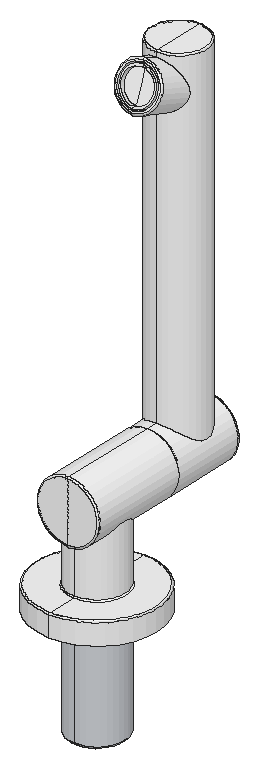
Revit family "Reece_Tap_Sussex_Scala_Straight_Bath Outlet_Swivel", category Plumbing Fixtures, host Face, Revit 2018
Family settings
  Host = Face
  Round Connector Dimension = Use Diameter
  Part Type = Normal
  Cut with Voids When Loaded = No
  Shared = Yes
  Room Calculation Point = Yes
Parameters (values of type "200 mm_Chrome")
  WFU = 0  # constant formula
  URL = "https://www.reece.com.au/product/-2285655"
  Type Comments = "Tap"
  Reece_Tap_Reach = 200 mm
  Reece_Tap_Inlet = 12 mm  # constant formula
  Reece_Product_Web Page = "https://www.reece.com.au/product/-2285655"
  Reece_Product_Type = "Tap"  # constant formula
  Reece_Product_Sub Brand = "Scala"  # constant formula
  Reece_Product_Number = "2285655"
  Reece_Product_Mount = "Wall Mounted"
  Reece_Product_Description = "Sussex Scala Bath Outlet Swivel Straight 200mm Chrome"
  Reece_Product_Brand = "Sussex"  # constant formula
  Reece_Overall_Length = 210 mm
  Reece_Overall_Height = 89.5 mm  # constant formula
  Reece_Material_Main = Reece_Brass_Chrome
  Reece_Detail_Shape = "Straight"  # constant formula
  Reece_Detail_Function = "Bath Outlet"  # constant formula
  Reece_Detail_Disclaimer = "THIS FILE IS THE PROPERTY OF THE REECE GROUP. IT MAY NOT BE REPRODUCED, REVERSE-ENGINEERED OR MODIFIED. ANY REPUBLICATION, TRANSMISSION OR DISTRIBUTION FOR THE PURPOSE OF COMMERCIALLY EXPLOITING THE FILES IS PROHIBITED."  # constant formula
  Reece_Detail_Additional = "Swivel"  # constant formula
  Model = "Scala"
  Manufacturer = "Sussex"
  Keynote = "Product #2285655, Reece_Tap_Sussex_Scala_Straight_Bath Outlet_Swivel - 200 mm_Chrome"
  HWFU = 0  # constant formula
  Disclaimer = "THIS FILE IS THE PROPERTY OF THE REECE GROUP. IT MAY NOT BE REPRODUCED, REVERSE-ENGINEERED OR MODIFIED. ANY REPUBLICATION, TRANSMISSION OR DISTRIBUTION FOR THE PURPOSE OF COMMERCIALLY EXPLOITING THE FILES IS PROHIBITED."  # constant formula
  Description = "Scala Bath Outlet Swivel Straight 200mm Chrome"
  Default Elevation = 1000 mm
  CWFU = 0  # constant formula
Types (6, lengths in mm): name | URL | Reece_Tap_Reach | Reece_Product_Web Page | Reece_Product_Number | Reece_Product_Description | Reece_Overall_Length | Reece_Material_Main | Keynote | Description
  200 mm_Chrome | "https://www.reece.com.au/product/-2285655" | 200 | "https://www.reece.com.au/product/-2285655" | "2285655" | "Sussex Scala Bath Outlet Swivel Straight 200mm Chrome" | 210 | Reece_Brass_Chrome | "Product #2285655, Reece_Tap_Sussex_Scala_Straight_Bath Outlet_Swivel - 200 mm_Chrome" | "Scala Bath Outlet Swivel Straight 200mm Chrome"
  200 mm_Brushed Nickel | "https://www.reece.com.au/product/-2269361" | 200 | "https://www.reece.com.au/product/-2269361" | "2269361" | "Sussex Scala Bath Outlet Swivel Straight 200mm Brushed Nickel" | 210 | Reece_Brass_Brushed Nickel | "Product #2269361, Reece_Tap_Sussex_Scala_Straight_Bath Outlet_Swivel - 200 mm_Brushed Nickel" | "Scala Bath Outlet Swivel Straight 200mm Brushed Nickel"
  200 mm_PVD Brushed Platinum Gold | "https://www.reece.com.au/product/-2268307" | 200 | "https://www.reece.com.au/product/-2268307" | "2268307" | "Sussex Scala Bath Outlet Swivel Straight 200mm LUX PVD Brushed Platinum Gold" | 210 | Reece_PVD_Brushed_Platinum Gold | "Product #2268307, Reece_Tap_Sussex_Scala_Straight_Bath Outlet_Swivel - 200 mm_PVD Brushed Platinum Gold" | "Scala Bath Outlet Swivel Straight 200mm LUX PVD Brushed Platinum Gold"
  250 mm_Brushed Nickel | "https://www.reece.com.au/product/-2269362" | 250 | "https://www.reece.com.au/product/-2269362" | "2269362" | "Sussex Scala Bath Outlet Swivel Straight 250mm Brushed Nickel" | 260 | Reece_Brass_Brushed Nickel | "Product #2269362, Reece_Tap_Sussex_Scala_Straight_Bath Outlet_Swivel - 250 mm_Brushed Nickel" | "Scala Bath Outlet Swivel Straight 250mm Brushed Nickel"
  250 mm_Chrome | "https://www.reece.com.au/product/-2285656" | 250 | "https://www.reece.com.au/product/-2285656" | "2285656" | "Sussex Scala Bath Outlet Swivel Straight 250mm Chrome" | 260 | Reece_Brass_Chrome | "Product #2285656, Reece_Tap_Sussex_Scala_Straight_Bath Outlet_Swivel - 250 mm_Chrome" | "Scala Bath Outlet Swivel Straight 250mm Chrome"
  250 mm_PVD Brushed Platinum Gold | "https://www.reece.com.au/product/-2268308" | 250 | "https://www.reece.com.au/product/-2268308" | "2268308" | "Sussex Scala Bath Outlet Swivel Straight 250mm LUX PVD Brushed Platinum Gold" | 260 | Reece_PVD_Brushed_Platinum Gold | "Product #2268308, Reece_Tap_Sussex_Scala_Straight_Bath Outlet_Swivel - 250 mm_PVD Brushed Platinum Gold" | "Scala Bath Outlet Swivel Straight 250mm LUX PVD Brushed Platinum Gold"
Reference planes
  plane 1 "Center (Front/Back)": y = 0
  plane 2 "Bottom": z = 0
  plane 3 "Center (Left/Right)": x = 0
  plane 4: z = 200
  plane 5 "tap1": z = 46
  plane 6: y = 46
  plane 7: y = 62.521
  plane 8: z = 210
  plane 9: y = -26.979
  plane 10: x = -12.5
  plane 11: x = 12.5
  plane 12: x = -27
  plane 13: x = 27
  plane 14: z = 10
  plane 15: y = 58.5
  plane 16: y = 23.5
Forms (mm)
  Revolve 1, solid, material "Reece_Brass_Chrome" <- "Reece_Material_Main"
    sketch origin (0, 42.5, 0) x (0, 1, 0) y (0, 0, 1)
      loop
        line (20.021, 46) -> (20.021, 59.4)
        arc (20.021, 59.4) -> (19.846, 59.824) -> (19.421, 60) r 0.6
        line (19.421, 60) -> (-13.979, 60) -> (-13.979, 46) -> (20.021, 46)
      axis (-13.979, 46) -> (20.021, 46)
    angle from 0 to 360
  Revolve 2, solid, material "Reece_Brass_Chrome" <- "Reece_Material_Main"
    sketch origin (0, 2.5, 0) x (0, 1, 0) y (0, 0, 1)
      loop
        line (29.442, 46) -> (29.442, 58.492) -> (25.842, 58.492) -> (25.842, 60) -> (-18.357, 60)
        arc (-18.357, 60) -> (-18.781, 59.824) -> (-18.957, 59.4) r 0.6
        line (-18.957, 59.4) -> (-18.957, 46) -> (29.442, 46)
      axis (-18.957, 46) -> (29.442, 46)
    angle from 0 to 360
  Extrusion 3, void
    sketch origin (0, 0, 0) x (1, 0, 0) y (0, 1, 0)
      loop
        circle (0, 0) r 18
    from 0 to -49.392
  Revolve 4, solid, material "Reece_Brass_Chrome" <- "Reece_Material_Main"
    sketch origin (0, 0, 0) x (0, 1, 0) y (0, 0, 1)
      loop
        line (0, 0) -> (0, 46) -> (-12.5, 46) -> (-12.5, 10.5)
        arc (-12.5, 10.5) -> (-12.646, 10.146) -> (-13, 10) r 0.5
        line (-13, 10) -> (-26.379, 10)
        arc (-26.379, 10) -> (-26.803, 9.824) -> (-26.979, 9.4) r 0.6
        line (-26.979, 9.4) -> (-26.979, 0) -> (0, 0)
      axis (0, 46) -> (0, 0)
    angle from 0 to 360
  Revolve 5, solid, material "Reece_Brass_Chrome" <- "Reece_Material_Main"
    sketch origin (0, 0, 0) x (0, 1, 0) y (0, 0, 1)
      loop
        line (46, 210) -> (46, 46) -> (58.5, 46) -> (58.5, 209.4)
        arc (58.5, 209.4) -> (58.324, 209.824) -> (57.9, 210) r 0.6
        line (57.9, 210) -> (46, 210)
      axis (46, 210) -> (46, 46)
    angle from 0 to 360
  Revolve 6, solid
    sketch origin (0, 0, 0) x (0, 1, 0) y (0, 0, 1)
      loop
        line (0, 0) -> (-12.5, 0) -> (-12.5, -48.824) -> (-11.324, -50) -> (-10, -50) -> (-10, -47.952) -> (0, -47.952) -> (0, 0)
      axis (0, 0) -> (0, -50)
    angle from 0 to 360
  Revolve 7, solid, material "Reece_Brass_Chrome" <- "Reece_Material_Main"
    sketch origin (0, -65.39, 116.661) x (0, -0.34202, -0.939693) y (0, 0.939693, -0.34202)
      loop
        line (-117.779, 54.491) -> (-117.779, 58.422) -> (-116.968, 58.422) -> (-116.968, 54.491) -> (-116.128, 54.491) -> (-116.128, 56.09) -> (-108.811, 56.09) -> (-108.811, 77.702) -> (-119.279, 77.702) -> (-119.279, 55.069)
        arc (-119.279, 55.069) -> (-119.11, 54.66) -> (-118.702, 54.491) r 0.578
        line (-118.702, 54.491) -> (-117.779, 54.491)
      axis (-108.811, 77.702) -> (-108.811, 54.491)
    angle from 0 to 360
Cuts and joins
  Extrusion 3 cuts Revolve 1
  Extrusion 3 cuts Revolve 2
  joined: Revolve 1, Revolve 2, Revolve 4, Revolve 5, Revolve 7
Text (mm)
  text "Reece Copyright © 2018, Reece Ltd." at (-1403.988, -1192.393, 0), in view "Ref. Level"
  text "Reece ©" at (44.384, 258.95, 192.345), in view "Reece Preview"
Dimensions and locks
  "Reece_Tap_Reach": plane 4 to plane 2 "Bottom"
  plane 6 to plane 1 "Center (Front/Back)" = 46 mm
  plane 7 to plane 1 "Center (Front/Back)" = 62.521 mm
  "Reece_Overall_Length": plane 8 to plane 2 "Bottom"
  "Reece_Overall_Height": plane 7 to plane 9
  plane 10 to plane 11 = 25 mm  (x2)
  plane 12 to plane 13 = 54 mm
  plane 14 to plane 2 "Bottom" = 10 mm
  plane 5 "tap1" to plane 2 "Bottom" = 46 mm
  plane 15 to plane 16 = 35 mm
  aligned and locked: plane 2 "Bottom" to host face
  aligned and locked: level to host face
  aligned and locked: Revolve 5 to plane 8
Automatic sketch dimensions
  host sketch curve to host sketch curve = 380.785 mm
  host sketch curve to host sketch curve = 317.421 mm
  plane 1 "Center (Front/Back)" to Extrusion 3 sketch curve = 0 mm
  Extrusion 3 sketch curve to plane 3 "Center (Left/Right)" = 0 mm
  Revolve 2 sketch curve to plane 5 "tap1" = 0 mm  (x2)
  plane 9 to Revolve 2 sketch curve = 10.521 mm
  Revolve 2 sketch curve to Revolve 2 sketch curve = 0.6 mm
  Revolve 2 sketch curve to Revolve 2 sketch curve = 3.6 mm
  plane 5 "tap1" to Revolve 2 sketch curve = 12.492 mm
  Revolve 2 sketch curve to Revolve 2 sketch curve = 1.508 mm
  Revolve 2 sketch curve to plane 9 = 58 mm
  Revolve 2 sketch curve to Revolve 2 sketch curve = 45 mm
  Revolve 1 sketch curve to plane 5 "tap1" = 0 mm  (x2)
  Revolve 1 sketch curve to plane 7 = 0 mm
  Revolve 1 sketch curve to plane 7 = 0.6 mm
  plane 5 "tap1" to Revolve 1 sketch curve = 13.4 mm
  Revolve 1 sketch curve to plane 9 = 18 mm
  Revolve 1 sketch curve to Revolve 1 sketch curve = 45 mm
  Revolve 5 sketch curve to plane 5 "tap1" = 0 mm
  Revolve 5 sketch curve to plane 6 = 0 mm  (x2)
  plane 8 to Revolve 5 sketch curve = 0 mm
  Revolve 5 sketch curve to plane 4 = 5 mm
  Revolve 5 sketch curve to plane 8 = 10 mm
  Revolve 5 sketch curve to plane 7 = 4.621 mm
  plane 8 to Revolve 5 sketch curve = 0.6 mm
  plane 16 to Revolve 1 sketch curve = 5.021 mm
  plane 16 to Revolve 2 sketch curve = 4.842 mm
  level to Revolve 6 sketch curve = 0 mm
  Revolve 6 sketch curve to plane 1 "Center (Front/Back)" = 0 mm  (x2)
  plane 1 "Center (Front/Back)" to Revolve 6 sketch curve = 10 mm
  Revolve 6 sketch curve to Revolve 6 sketch curve = 1.324 mm
  plane 1 "Center (Front/Back)" to Revolve 6 sketch curve = 12.5 mm
  Revolve 6 sketch curve to level = 47.952 mm
  Revolve 6 sketch curve to Revolve 6 sketch curve = 0.872 mm
  Revolve 6 sketch curve to Revolve 6 sketch curve = 1.176 mm
  Revolve 6 sketch curve to level = 16.39 mm
  Revolve 6 sketch curve to Revolve 6 sketch curve = 11.137 mm
  plane 4 to Revolve 7 sketch curve = 2.171 mm
  Revolve 7 sketch curve to plane 6 = 2.422 mm
  Revolve 7 sketch curve to Revolve 7 sketch curve = 0.578 mm
  Revolve 7 sketch curve to Revolve 7 sketch curve = 0.922 mm
  Revolve 7 sketch curve to Revolve 7 sketch curve = 0.812 mm
  Revolve 7 sketch curve to Revolve 7 sketch curve = 0.84 mm
  Revolve 7 sketch curve to Revolve 7 sketch curve = 7.317 mm
  Revolve 7 sketch curve to Revolve 7 sketch curve = 19.281 mm
  Revolve 7 sketch curve to Revolve 7 sketch curve = 2.332 mm
  Revolve 7 sketch curve to Revolve 7 sketch curve = 1.021 mm
  Revolve 7 sketch curve to Revolve 7 sketch curve = 0 mm  (x2)
  Revolve 7 sketch curve to Revolve 7 sketch curve = 7.954 mm
  Revolve 7 sketch curve to Revolve 7 sketch curve = 8.935 mm
  Revolve 4 sketch curve to plane 9 = 0 mm
  Revolve 4 sketch curve to plane 14 = 0 mm
  Revolve 4 sketch curve to plane 5 "tap1" = 0 mm
  Revolve 4 sketch curve to plane 1 "Center (Front/Back)" = 0 mm  (x2)
  level to Revolve 4 sketch curve = 0 mm
  plane 9 to Revolve 4 sketch curve = 0.6 mm
  plane 14 to Revolve 4 sketch curve = 0.5 mm
  plane 1 "Center (Front/Back)" to Revolve 4 sketch curve = 12.5 mm
  Revolve 4 sketch curve to level = 6.562 mm
  Revolve 4 sketch curve to Revolve 4 sketch curve = 5 mm
  radius of Extrusion 3 sketch curve = 18 mm
Connectors
  piping at (0, 0, -47.952), diameter 12, driven by "Reece_Tap_Inlet"
    settings: on Revolve 6, index 1, connector inside diameter 609.6 mm, connector length 0 mm, flow factor 0, pipe flow 0.0 L/s, pressure drop 0.0 Pa, fitting loss kfactor 0, connector angle 0.00°, fixture units 0, engagement length 0 mm, angle of deflection 0.00°, flow configuration 0, flow direction 1, fitting loss method 0, system type 29, joint type 0, gender type 0, connector reference index -1, connector utility 0, adjustable connector no, is connector primary yes, connector description ""
